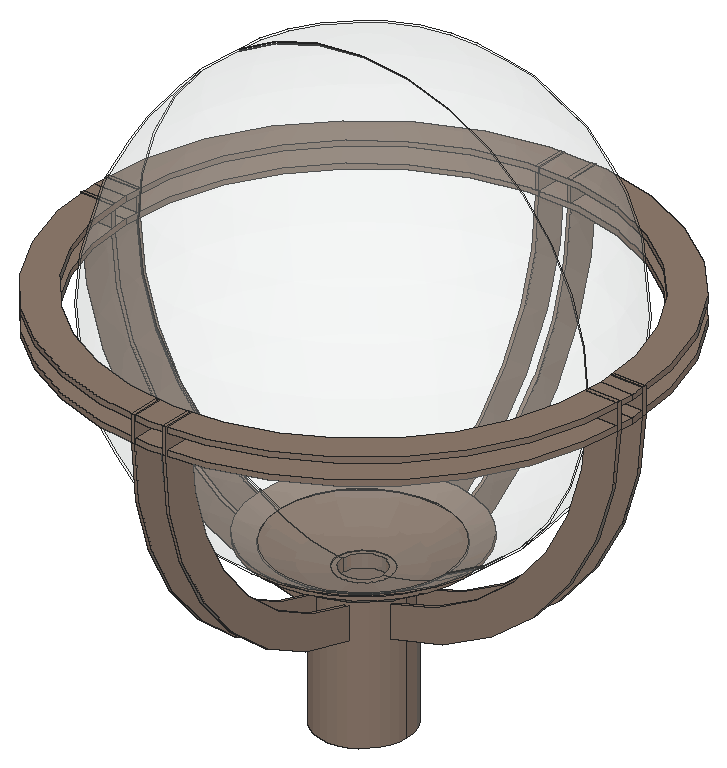
Revit family "WG218", category Generic Models, Revit 2014
Parameters
  GLASS = Glass
  CAST = Bronze, Architectural
Reference planes (in)
  plane 1 "Center (Front/Back)": y = 0
  plane 2: z = 0
  plane 3 "Center (Left/Right)": x = 0
Forms (in)
  Revolve 1, solid, material "Bronze, Architectural" <- "CAST"
    sketch origin (0, 0, 0) x (1, 0, 0) y (0, 0, 1)
      loop
        line (-1.75, 5.51561) -> (-1.75, 0) -> (-1.5625, 0) -> (-1.5625, 5.01561) -> (-0.825, 5.01561) -> (-0.825, 5.51561) -> (-1.75, 5.51561)
      axis (0, 5.51561) -> (0, 0)
    angle from 0 to 360
  Revolve 2, solid, material "Bronze, Architectural" <- "CAST"
    sketch origin (0, 0, -0.17621) x (1, 0, 0) y (0, 0, 1)
      loop
        line (-4.12787, 6.91069) -> (-4.12787, 6.78569)
        arc (-4.12787, 6.78569) -> (-2.66134, 5.96849) -> (-1.03125, 5.56681) r 6.31173
        line (-1.03125, 5.56681) -> (-1.03125, 5.69181)
        arc (-1.03125, 5.69181) -> (-2.66134, 6.09349) -> (-4.12787, 6.91069) r 6.31173
      axis (0, 6.91069) -> (0, 5.56681)
    angle from 0 to 360
  Revolve 3, solid, material "Bronze, Architectural" <- "CAST"
    sketch origin (0, 0, 0) x (1, 0, 0) y (0, 0, 1)
      loop
        line (-10.725, 15.42386) -> (-10.725, 15.21761) -> (-9.4875, 15.21761) -> (-9.4875, 15.42386) -> (-10.725, 15.42386)
      loop
        line (-10.725, 14.59886) -> (-10.725, 14.39261) -> (-9.4875, 14.39261) -> (-9.4875, 14.59886) -> (-10.725, 14.59886)
      axis (0, 15.42386) -> (0, 14.39261)
    angle from 0 to 360
  Extrusion 4, solid, material "Bronze, Architectural" <- "CAST"
    sketch origin (0, 0, 0) x (1, 0, 0) y (0, 0, 1)
      loop
        line (-1.55836, 3.78496) -> (-1.55836, 5.03746)
        arc (-1.55836, 5.03746) -> (-7.22469, 8.26766) -> (-9.46667, 14.39261) r 9.4875
        line (-9.46667, 14.39261) -> (-9.46667, 15.42386) -> (-10.70113, 15.42386) -> (-10.70113, 14.39261)
        arc (-10.70113, 14.39261) -> (-8.10002, 7.3906) -> (-1.55836, 3.78496) r 10.725
    from -0.6875 to -0.5625
  Extrusion 5, solid, material "Bronze, Architectural" <- "CAST"
    sketch origin (0, 0, 0) x (1, 0, 0) y (0, 0, -1)
      loop
        arc (-1.55836, -3.78496) -> (-8.10002, -7.3906) -> (-10.70113, -14.39261) r 10.725
        line (-10.70113, -14.39261) -> (-10.70113, -15.42386) -> (-9.46667, -15.42386) -> (-9.46667, -14.39261)
        arc (-9.46667, -14.39261) -> (-7.22469, -8.26766) -> (-1.55836, -5.03746) r 9.4875
        line (-1.55836, -5.03746) -> (-1.55836, -3.78496)
    from -0.6875 to -0.5625
  Extrusion 6, solid, material "Bronze, Architectural" <- "CAST"
    sketch origin (0, 0, 0) x (-1, 0, 0) y (0, 0, -1)
      loop
        arc (-1.55836, -3.78496) -> (-8.10002, -7.3906) -> (-10.70113, -14.39261) r 10.725
        line (-10.70113, -14.39261) -> (-10.70113, -15.42386) -> (-9.46667, -15.42386) -> (-9.46667, -14.39261)
        arc (-9.46667, -14.39261) -> (-7.22469, -8.26766) -> (-1.55836, -5.03746) r 9.4875
        line (-1.55836, -5.03746) -> (-1.55836, -3.78496)
    from -0.6875 to -0.5625
  Extrusion 7, solid, material "Bronze, Architectural" <- "CAST"
    sketch origin (0, 0, 0) x (-1, 0, 0) y (0, 0, 1)
      loop
        line (-1.55836, 3.78496) -> (-1.55836, 5.03746)
        arc (-1.55836, 5.03746) -> (-7.22469, 8.26766) -> (-9.46667, 14.39261) r 9.4875
        line (-9.46667, 14.39261) -> (-9.46667, 15.42386) -> (-10.70113, 15.42386) -> (-10.70113, 14.39261)
        arc (-10.70113, 14.39261) -> (-8.10002, 7.3906) -> (-1.55836, 3.78496) r 10.725
    from -0.6875 to -0.5625
  Extrusion 8, solid, material "Bronze, Architectural" <- "CAST"
    sketch origin (0, 0, 0) x (0, -1, 0) y (0, 0, 1)
      loop
        line (-1.55836, 3.78496) -> (-1.55836, 5.03746)
        arc (-1.55836, 5.03746) -> (-7.22469, 8.26766) -> (-9.46667, 14.39261) r 9.4875
        line (-9.46667, 14.39261) -> (-9.46667, 15.42386) -> (-10.70113, 15.42386) -> (-10.70113, 14.39261)
        arc (-10.70113, 14.39261) -> (-8.10002, 7.3906) -> (-1.55836, 3.78496) r 10.725
    from -0.6875 to -0.5625
  Extrusion 9, solid, material "Bronze, Architectural" <- "CAST"
    sketch origin (0, 0, 0) x (0, -1, 0) y (0, 0, -1)
      loop
        arc (-1.55836, -3.78496) -> (-8.10002, -7.3906) -> (-10.70113, -14.39261) r 10.725
        line (-10.70113, -14.39261) -> (-10.70113, -15.42386) -> (-9.46667, -15.42386) -> (-9.46667, -14.39261)
        arc (-9.46667, -14.39261) -> (-7.22469, -8.26766) -> (-1.55836, -5.03746) r 9.4875
        line (-1.55836, -5.03746) -> (-1.55836, -3.78496)
    from -0.6875 to -0.5625
  Extrusion 10, solid, material "Bronze, Architectural" <- "CAST"
    sketch origin (0, 0, 0) x (0, 1, 0) y (0, 0, -1)
      loop
        arc (-1.55836, -3.78496) -> (-8.10002, -7.3906) -> (-10.70113, -14.39261) r 10.725
        line (-10.70113, -14.39261) -> (-10.70113, -15.42386) -> (-9.46667, -15.42386) -> (-9.46667, -14.39261)
        arc (-9.46667, -14.39261) -> (-7.22469, -8.26766) -> (-1.55836, -5.03746) r 9.4875
        line (-1.55836, -5.03746) -> (-1.55836, -3.78496)
    from -0.6875 to -0.5625
  Extrusion 11, solid, material "Bronze, Architectural" <- "CAST"
    sketch origin (0, 0, 0) x (0, 1, 0) y (0, 0, 1)
      loop
        line (-1.55836, 3.78496) -> (-1.55836, 5.03746)
        arc (-1.55836, 5.03746) -> (-7.22469, 8.26766) -> (-9.46667, 14.39261) r 9.4875
        line (-9.46667, 14.39261) -> (-9.46667, 15.42386) -> (-10.70113, 15.42386) -> (-10.70113, 14.39261)
        arc (-10.70113, 14.39261) -> (-8.10002, 7.3906) -> (-1.55836, 3.78496) r 10.725
    from -0.6875 to -0.5625
  Revolve 12, solid, material "Glass" <- "GLASS"
    sketch origin (0, 0, -0.17621) x (1, 0, 0) y (0, 0, 1)
      loop
        arc (0, 23.90824) -> (-8.84032, 16.59604) -> (-3.31573, 6.54128) r 9
        line (-3.31573, 6.54128) -> (-3.2912, 6.59879)
        arc (-3.2912, 6.59879) -> (-8.77908, 16.58353) -> (0, 23.84574) r 8.9375
        line (0, 23.84574) -> (0, 23.90824)
      axis (0, 23.90824) -> (0, 6.54128)
    angle from 0 to 360
Cuts and joins
  joined: Revolve 1, Extrusion 4, Extrusion 5, Extrusion 6, Extrusion 7, Extrusion 8, Extrusion 9, Extrusion 10, Extrusion 11
Dimensions and locks (in)
  aligned and locked: plane 2 to level
